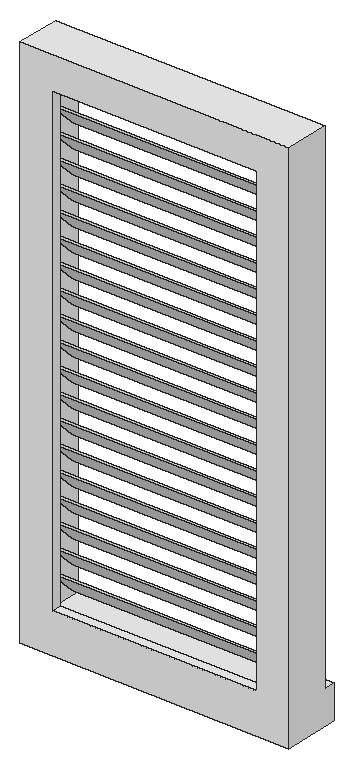
Revit family
Parameters (values of type "500 x 1000 mm")
  Assembly Code = ""
  Wrap Layers (Int) from Ext = 177.5 mm
  Wrap Layers (Ext) from Ext = 102.5 mm
  Vis - Cavity Closers = yes
  Rough Width = Width  # 500.0 mm
  Rough Height = Height  # 1000.0 mm
  Operation = "SinglePanel"
  No of Louvre Blades = 20
  Material Louvres = Window Louvres
  Material Frame = Window Frame
  Manufacturer = "Revit"
  Louvre Blade Width = 50.0 mm
  Keynote = "L10"
  Height = 1000.0 mm
  Wall Closure = (empty or 0)
  Width = 500.0 mm
  FrameOffset - External = 50.0 mm
  Frame Width = 40.0 mm
  Frame Depth = 65.0 mm
  Default Head Height = 1150.0 mm
  DONT CHANGE Louvre Length = Width - (2 * Frame Width)  # 420.0 mm
  Cill Depth = 20.0 mm
  Cavity Closer Width = 50.0 mm
  Cavity Closer Offset from Ext = 102.5 mm
  Cavity Closer Depth = 85.0 mm
Reference planes
  plane 1: y = 0
  plane 2 "Center (Left/Right)": x = -290
  plane 3 "Left": x = -540
  plane 4 "Right": x = -40
  plane 5 "Cill": z = 150
  plane 6 "Head": z = 1150
  plane 7 "Exterior": y = 158.457
  plane 8 "Interior": y = -141.543
  plane 9 "Back of Window": y = 43.457
  plane 10 "Wall Closure": y = 55.957
  plane 11 "Front Cill": y = 128.457
  plane 12 "Ext Leaf Back": y = 55.957
  plane 13 "Face Window": y = 108.457
  plane 14: y = -19.043
Forms (mm)
  Extrusion 1, solid, material "Window Frame" <- "Material Frame"
    sketch origin (-290, 0, 0) x (0, 1, 0) y (0, 0, 1)
      loop
        line (25.457, 150) -> (128.457, 150) -> (128.457, 213) -> (43.457, 213) -> (43.457, 225) -> (25.457, 225) -> (25.457, 150)
    from 250 to -250
  Sweep 2, solid, material "Window Frame" <- "Material Frame"
    path origin (0, 43.457, 0) x (1, 0, 0) y (0, 0, 1)
      loop
        line (-540, 213) -> (-540, 1150) -> (-40, 1150) -> (-40, 213)
    profile origin (0, 0, 681.5) x (-1, 0, 0) y (0, -1, 0)
      loop
        line (540, -25.457) -> (480, -25.457) -> (480, -43.457) -> (500, -43.457) -> (500, -108.457) -> (540, -108.457) -> (540, -25.457)
Cuts and joins
  joined: Extrusion 1, Sweep 2
Lines and regions (mm)
  Opening 1
    outline origin (-5000, -141.543, 0) x (1, 0, 0) y (0, 0, 1)
      loop
        line (4960, 1150) -> (4460, 1150) -> (4460, 150) -> (4960, 150) -> (4960, 1150)
  symbolic lines, style "Windows"
    curve 1: line (-540, 25.457, 0) -> (-40, 25.457, 0)
    curve 2: line (-540, 108.457, 0) -> (-540, 25.457, 0)
    curve 3: line (-40, 108.457, 0) -> (-540, 108.457, 0)
    curve 4: line (-40, 25.457, 0) -> (-40, 108.457, 0)
    curve 5: line (-500, 25.457, 0) -> (-500, 108.457, 0)
    curve 6: line (-80, 25.457, 0) -> (-80, 108.457, 0)
  symbolic lines, style "Cavity Closer", visible <- "Vis - Cavity Closers", detail levels medium+fine
    curve 7: line (-540, 55.957, 0) -> (-590, 55.957, 0)
    curve 8: line (-540, -29.043, 0) -> (-540, 55.957, 0)
    curve 9: line (-590, -29.043, 0) -> (-540, -29.043, 0)
    curve 10: line (-590, 55.957, 0) -> (-590, -29.043, 0)
    curve 11: line (-540, -29.043, 0) -> (-590, 55.957, 0)
    curve 12: line (-590, -29.043, 0) -> (-540, 55.957, 0)
    curve 13: line (-40, 55.957, 0) -> (10, 55.957, 0)
    curve 14: line (-40, -29.043, 0) -> (-40, 55.957, 0)
    curve 15: line (10, -29.043, 0) -> (-40, -29.043, 0)
    curve 16: line (10, 55.957, 0) -> (10, -29.043, 0)
    curve 17: line (-40, -29.043, 0) -> (10, 55.957, 0)
    curve 18: line (10, -29.043, 0) -> (-40, 55.957, 0)
  symbolic lines, style "WindowsSillHeadProjection"
    curve 19: line (-540, 128.457, 0) -> (-540, 159.707, 0)
    curve 20: line (-40, 159.707, 0) -> (-40, 128.457, 0)
  symbolic lines
    curve 21: line (-500, 80.79, 0) -> (-80, 80.79, 0)
    curve 22: line (-80, 53.123, 0) -> (-500, 53.123, 0)
Text (mm)
  text "EXTERIOR" at (-1415.209, 454.062, 0), in view "Ref. Level"
  text "INTERIOR" at (-1415.209, -367.981, 0), in view "Ref. Level"
  text "Exterior" at (0, 923.751, 2943.296), in view "Right"
  text "Exterior" at (0, 1040.484, 2685.409), in view "Left"
Dimensions and locks
  equal spacing: plane 3 "Left", plane 2 "Center (Left/Right)", plane 4 "Right"
  "Width": plane 3 "Left" to plane 4 "Right"
  "Height": plane 5 "Cill" to plane 6 "Head"
  "Default Head Height": plane 6 "Head" to level
  locked: plane 7 "Exterior" to host wall at 0
  locked: plane 8 "Interior" to host wall
  "Cavity Closer Offset from Ext": plane 12 "Ext Leaf Back" to plane 7 "Exterior"
  "Frame Depth": plane 9 "Back of Window" to plane 13 "Face Window"
  "FrameOffset - External": plane 13 "Face Window" to plane 7 "Exterior"
  locked: Extrusion 1 sketch curve to Extrusion 1 sketch curve at 18
  "Cavity Closer Depth": curve 7 to curve 9
  "Cavity Closer Width": curve 10 to plane 3 "Left"
  "Cavity Closer Depth": curve 13 to curve 15
  "Cavity Closer Width": plane 4 "Right" to curve 16
  "Cill Depth": plane 13 "Face Window" to plane 11 "Front Cill"
  "Wrap Layers (Ext) from Ext": plane 10 "Wall Closure" to plane 7 "Exterior"
  curve 1 to plane 13 "Face Window" = 83.0 mm
  "Frame Width": plane 3 "Left" to Sweep 2 sketch curve
  Sweep 2 sketch curve to Sweep 2 sketch curve = 20.0 mm
  locked: nested 3 to cut or joined group of Extrusion 1, Sweep 2 at 10
  equal spacing: group 1, group 3, group 4, group 5, group 6, group 7, group 8, group 9, group 10, group 11, group 12, group 13, group 14, group 15, group 16, group 17, group 18, group 19, group 20, group 2  (x3)
  locked: nested 4 to cut or joined group of Extrusion 1, Sweep 2 at 10
  equal spacing: curve 3, curve 21, curve 22, curve 1
  "Wrap Layers (Int) from Ext": plane 14 to plane 7 "Exterior"
  aligned and locked: plane 9 "Back of Window" to Extrusion 1 sketch curve
  aligned and locked: plane 11 "Front Cill" to Extrusion 1 sketch curve
  aligned and locked: Extrusion 1 sketch curve to plane 5 "Cill"
  aligned and locked: plane 3 "Left" to Extrusion 1
  aligned and locked: Extrusion 1 to plane 4 "Right"
  aligned and locked: plane 13 "Face Window" to Sweep 2 sketch curve
  aligned and locked: plane 3 "Left" to nested 1
  aligned and locked: curve 8 to plane 3 "Left"
  aligned and locked: plane 4 "Right" to nested 2
  aligned and locked: curve 14 to plane 4 "Right"
  aligned and locked: curve 19 to cut or joined group of Extrusion 1, Sweep 2
  aligned and locked: cut or joined group of Extrusion 1, Sweep 2 to curve 20
  aligned and locked: nested 3 to cut or joined group of Extrusion 1, Sweep 2
  aligned and locked: plane 9 "Back of Window" to nested 3
  aligned and locked: plane 9 "Back of Window" to nested 4
  aligned and locked: cut or joined group of Extrusion 1, Sweep 2 to nested 4
  aligned and locked: curve 5 to cut or joined group of Extrusion 1, Sweep 2
  aligned and locked: curve 6 to cut or joined group of Extrusion 1, Sweep 2
  aligned and locked: plane 12 "Ext Leaf Back" to nested 2
  aligned and locked: curve 13 to plane 12 "Ext Leaf Back"
  aligned and locked: nested 1 to plane 12 "Ext Leaf Back"
  aligned and locked: plane 12 "Ext Leaf Back" to curve 7
Automatic sketch dimensions
  Extrusion 1 sketch curve to Extrusion 1 sketch curve = 12.0 mm
  Sweep 2 sketch curve to plane 3 "Left" = 0.0 mm
  Sweep 2 sketch curve to plane 4 "Right" = 0.0 mm
  Sweep 2 sketch curve to plane 6 "Head" = 0.0 mm
  Sweep 2 sketch curve to plane 5 "Cill" = 63.0 mm  (x2)
  Sweep 2 sketch curve to profile plane = 0.0 mm
  plane 9 "Back of Window" to Sweep 2 sketch curve = 18.0 mm
  Sweep 2 sketch curve to plane 9 "Back of Window" = 0.0 mm
  curve 3 to plane 3 "Left" = 0.0 mm
  curve 4 to plane 4 "Right" = 0.0 mm
  curve 3 to plane 13 "Face Window" = 0.0 mm
  host wall to curve 19 = 1.25 mm
  host wall to curve 20 = 1.25 mm
  Extrusion 1 sketch curve to plane 5 "Cill" = 63.0 mm
  curve 20 to plane 11 "Front Cill" = 0.0 mm
  curve 19 to plane 11 "Front Cill" = 0.0 mm
  curve 22 to plane 3 "Left" = 40.0 mm
  curve 21 to curve 22 = 0.0 mm  (x2)
  plane 4 "Right" to curve 22 = 40.0 mm
  Opening 1 sketch curve to plane 3 "Left" = 0.0 mm
  Opening 1 sketch curve to plane 4 "Right" = 0.0 mm
  Opening 1 sketch curve to plane 5 "Cill" = 0.0 mm
  Opening 1 sketch curve to plane 6 "Head" = 0.0 mm
Nested families
  nested 1: "UK_Cavity Closer" at (-590, 55.957, 0), visible <- "Vis - Cavity Closers", type "UK_Cavity Closer", detail levels medium+fine
    with Closer Depth 85.0 mm
  nested 2: "UK_Cavity Closer" at (10, 55.957, 0) x (-1, 0, 0) z (0, 0, 1), visible <- "Vis - Cavity Closers", type "UK_Cavity Closer", detail levels medium+fine
    with Closer Depth 85.0 mm
  nested 3: "Plain Louvre Blade" at (-317.169, 68.92, 252.243), type "Louvre Blade"
    with Length 420.0 mm, Blade Width 50.0 mm
  nested 4: "Plain Louvre Blade" at (-317.169, 68.92, 1075), type "Louvre Blade"
    with Length 420.0 mm, Blade Width 50.0 mm
  nested 5: "Plain Louvre Blade" at (-317.169, 68.92, 295.546), type "Louvre Blade"
    with Length 420.0 mm, Blade Width 50.0 mm
  nested 6: "Plain Louvre Blade" at (-317.169, 68.92, 338.849), type "Louvre Blade"
    with Length 420.0 mm, Blade Width 50.0 mm
  nested 7: "Plain Louvre Blade" at (-317.169, 68.92, 382.152), type "Louvre Blade"
    with Length 420.0 mm, Blade Width 50.0 mm
  nested 8: "Plain Louvre Blade" at (-317.169, 68.92, 425.455), type "Louvre Blade"
    with Length 420.0 mm, Blade Width 50.0 mm
  nested 9: "Plain Louvre Blade" at (-317.169, 68.92, 468.758), type "Louvre Blade"
    with Length 420.0 mm, Blade Width 50.0 mm
  nested 10: "Plain Louvre Blade" at (-317.169, 68.92, 512.061), type "Louvre Blade"
    with Length 420.0 mm, Blade Width 50.0 mm
  nested 11: "Plain Louvre Blade" at (-317.169, 68.92, 555.364), type "Louvre Blade"
    with Length 420.0 mm, Blade Width 50.0 mm
  nested 12: "Plain Louvre Blade" at (-317.169, 68.92, 598.667), type "Louvre Blade"
    with Length 420.0 mm, Blade Width 50.0 mm
  nested 13: "Plain Louvre Blade" at (-317.169, 68.92, 641.97), type "Louvre Blade"
    with Length 420.0 mm, Blade Width 50.0 mm
  nested 14: "Plain Louvre Blade" at (-317.169, 68.92, 685.273), type "Louvre Blade"
    with Length 420.0 mm, Blade Width 50.0 mm
  nested 15: "Plain Louvre Blade" at (-317.169, 68.92, 728.576), type "Louvre Blade"
    with Length 420.0 mm, Blade Width 50.0 mm
  nested 16: "Plain Louvre Blade" at (-317.169, 68.92, 771.879), type "Louvre Blade"
    with Length 420.0 mm, Blade Width 50.0 mm
  nested 17: "Plain Louvre Blade" at (-317.169, 68.92, 815.182), type "Louvre Blade"
    with Length 420.0 mm, Blade Width 50.0 mm
  nested 18: "Plain Louvre Blade" at (-317.169, 68.92, 858.485), type "Louvre Blade"
    with Length 420.0 mm, Blade Width 50.0 mm
  nested 19: "Plain Louvre Blade" at (-317.169, 68.92, 901.788), type "Louvre Blade"
    with Length 420.0 mm, Blade Width 50.0 mm
  nested 20: "Plain Louvre Blade" at (-317.169, 68.92, 945.091), type "Louvre Blade"
    with Length 420.0 mm, Blade Width 50.0 mm
  nested 21: "Plain Louvre Blade" at (-317.169, 68.92, 988.394), type "Louvre Blade"
    with Length 420.0 mm, Blade Width 50.0 mm
  nested 22: "Plain Louvre Blade" at (-317.169, 68.92, 1031.697), type "Louvre Blade"
    with Length 420.0 mm, Blade Width 50.0 mm
Definition of nested family "Plain Louvre Blade"
  Parameters (values of type "Louvre Blade")
    Material Blade = none
    Length = 1200.0 mm
    Blade Width = 100.0 mm
    Assembly Code = ""
  Reference planes
    plane 1 "Center (Front/Back)": y = -0.463
    plane 2: z = 0
    plane 3 "Center (Left/Right)": x = 27.169
    plane 4: x = -572.831
    plane 5: x = 627.169
    plane 6: y = -50.463
    plane 7: y = 49.537
    plane 8: z = 50
    plane 9: z = -50
  Forms (mm)
    Extrusion 1, solid, material <- "Material Blade"
      sketch origin (27.169, 0, 0) x (0, 1, 0) y (0, 0, 1)
        loop
          line (-50.463, 50) -> (-50.463, 45.757) -> (49.537, -54.243) -> (49.537, -50) -> (-50.463, 50)
      from -600 to 600
  Dimensions and locks
    equal spacing: plane 4, plane 3 "Center (Left/Right)", plane 5
    "Length": plane 4 to plane 5
    equal spacing: plane 6, plane 1 "Center (Front/Back)", plane 7
    "Blade Width": plane 6 to plane 7
    "Blade Width": plane 9 to plane 8
    equal spacing: plane 9, plane 2, plane 8
    aligned and locked: Extrusion 1 to plane 5
    aligned and locked: plane 4 to Extrusion 1
    aligned and locked: plane 6 to Extrusion 1 sketch curve
  Automatic sketch dimensions
    Extrusion 1 sketch curve to plane 7 = 0.0 mm
    Extrusion 1 sketch curve to plane 9 = 0.0 mm
    Extrusion 1 sketch curve to plane 8 = 0.0 mm
    plane 8 to Extrusion 1 sketch curve = 4.243 mm
    plane 9 to Extrusion 1 sketch curve = 4.243 mm
Definition of nested family "UK_Cavity Closer"
  Parameters
    Closer Width = 50.0 mm
    Closer Depth = 75.0 mm
  Reference planes
    plane 1 "Center (Front/Back)": y = 0
    plane 2: z = 0
    plane 3 "Center (Left/Right)": x = 0
    plane 4: x = 50, in view "Ref. Level"
    plane 5: y = -75, in view "Ref. Level"
  Lines and regions (mm)
    Masking region 1, in view "Ref. Level"
      outline origin (0, 0, 0) x (1, 0, 0) y (0, 1, 0)
        loop
          line (0, 0) -> (0, -75) -> (50, -75) -> (50, 0) -> (0, 0)
  Dimensions and locks
    "Closer Width": plane 3 "Center (Left/Right)" to plane 4
    "Closer Depth": plane 5 to plane 1 "Center (Front/Back)"
  Automatic sketch dimensions
    Masking region 1 sketch curve to plane 3 "Center (Left/Right)" = 0.0 mm
    Masking region 1 sketch curve to plane 4 = 0.0 mm
    Masking region 1 sketch curve to plane 5 = 0.0 mm
    Masking region 1 sketch curve to plane 1 "Center (Front/Back)" = 0.0 mm
